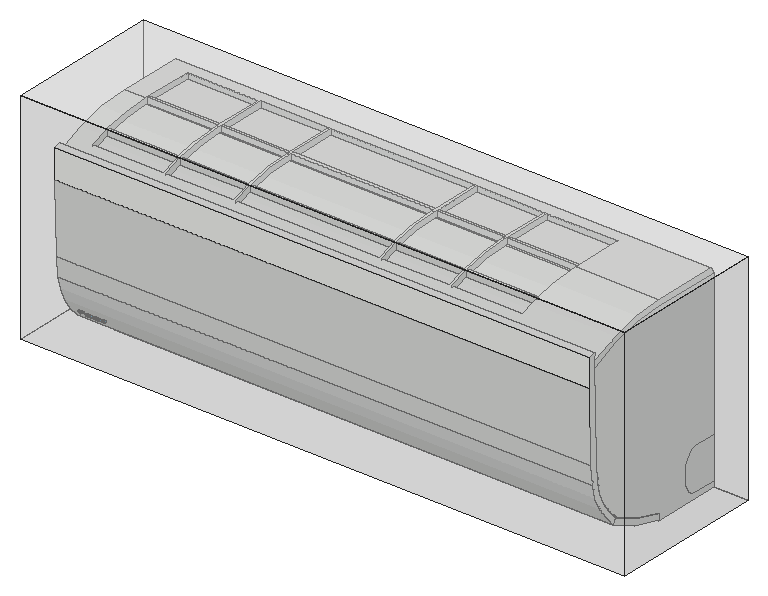
Revit family "outputfile", category 機械設備, Revit 2024
Family settings
  丸型コネクタ寸法 = 半径を使用
  パーツ タイプ = 標準
  OmniClass 番号 = 23.75.10.24.21.27.27
  OmniClass タイトル = Split System Air Conditioning Units
  作業面ベース = いいえ
  常に垂直 = はい
  ロード時にボイドで切り取り = いいえ
  注釈の向きを維持 = いいえ
  共有 = いいえ
  部屋計算ポイント = いいえ
Parameters (values of type "CTXF25TVMA")
  Description = ""
  書き出し IFC クラス(タイプ) = "IfcUnitaryEquipmentType"
  定義済み IFC タイプ(タイプ) = "AIRCONDITIONINGUNIT"
  Cost = 0
  Type Comments = ""
  Keynote = ""
  Type Image = (empty or 0)
  Assembly Code = ""
  w_wall hole = if(Width = 770.0 mm, 48.0 mm, 60.0 mm)  # 48.0 mm
  製造元 = "Daikin"
  モデル = "CTXF25TVMA"
  switch_frequency = yes
  r_Liquid Pipe Size = Liquid Pipe Size / 2  # 3.2 mm
  r_Gas Pipe Size = Gas Pipe Size / 2  # 4.75 mm
  r_Drain Pipe Size = Drain Pipe Size / 2  # 8.0 mm
  lw_powersupply [instance] = if(Width = 770.0 mm, if(or(Rear Right Connection_refrigerant, Bottom Right Connection_refrigerant), 25.0 mm, if(or(Rear Left Connection_refrigerant, Bottom Left Connection_refrigerant), 745.0 mm, 400.0 mm)), if(Width = 990.0 mm, if(or(Rear Right Connection_refrigerant, Bottom Right Connection_refrigerant), 40.0 mm, if(or(Rear Left Connection_refrigerant, Bottom Left Connection_refrigerant), 920.0 mm, 400.0 mm)), if(or(Rear Right Connection_refrigerant, Bottom Right Connection_refrigerant), 40.0 mm, if(or(Rear Left Connection_refrigerant, Bottom Left Connection_refrigerant), 920.0 mm, 400.0 mm))))  # 400.0 mm
  lw_liquidpipe [instance] = if(Width = 770.0 mm, if(or(Rear Right Connection_refrigerant, Bottom Right Connection_refrigerant), 0.0 mm, if(or(Rear Left Connection_refrigerant, Bottom Left Connection_refrigerant), 664.0 mm, 385.0 mm)), if(Width = 990.0 mm, if(or(Rear Right Connection_refrigerant, Bottom Right Connection_refrigerant), 0.0 mm, if(or(Rear Left Connection_refrigerant, Bottom Left Connection_refrigerant), 664.0 mm + (990.0 mm - 770.0 mm), 475.0 mm)), if(or(Rear Right Connection_refrigerant, Bottom Right Connection_refrigerant), 0.0 mm, if(or(Rear Left Connection_refrigerant, Bottom Left Connection_refrigerant), 664.0 mm + (990.0 mm - 770.0 mm), 475.0 mm))))  # 385.0 mm
  lw_gaspipe [instance] = if(Width = 770.0 mm, if(or(Rear Right Connection_refrigerant, Bottom Right Connection_refrigerant), 0.0 mm, if(or(Rear Left Connection_refrigerant, Bottom Left Connection_refrigerant), 675.0 mm, if(Gas Pipe Size = 12.7 mm, 335.0 mm, 335.0 mm))), if(Width = 990.0 mm, if(or(Rear Right Connection_refrigerant, Bottom Right Connection_refrigerant), 10.0 mm, if(or(Rear Left Connection_refrigerant, Bottom Left Connection_refrigerant), 890.0 mm, if(Gas Pipe Size = 15.9 mm, 400.0 mm, 400.0 mm))), if(or(Rear Right Connection_refrigerant, Bottom Right Connection_refrigerant), 10.0 mm, if(or(Rear Left Connection_refrigerant, Bottom Left Connection_refrigerant), 890.0 mm, if(Gas Pipe Size = 15.9 mm, 400.0 mm, 400.0 mm)))))  # 335.0 mm
  lw_drainpipe [instance] = if(Width = 770.0 mm, if(or(Rear Right Connection_refrigerant, Bottom Right Connection_refrigerant), 0.0 mm, if(or(Rear Left Connection_refrigerant, Bottom Left Connection_refrigerant), 770.0 mm - 48.0 mm - 48.0 mm, 440.0 mm)), if(Width = 990.0 mm, if(or(Rear Right Connection_refrigerant, Bottom Right Connection_refrigerant), 0.0 mm, if(or(Rear Left Connection_refrigerant, Bottom Left Connection_refrigerant), 675.0 mm + (990.0 mm - 770.0 mm), 435.0 mm)), if(or(Rear Right Connection_refrigerant, Bottom Right Connection_refrigerant), 0.0 mm, if(or(Rear Left Connection_refrigerant, Bottom Left Connection_refrigerant), 675.0 mm + (990.0 mm - 770.0 mm), 435.0 mm))))  # 440.0 mm
  l_powersupply_length [instance] = if(Width = 770.0 mm, if(Right Connection_refrigerant, 400.0 mm, if(Left Connection_refrigerant, 770.0 mm - 400.0 mm, if(or(Rear Left Connection_refrigerant, Rear Right Connection_refrigerant), 15.0 mm, 50.0 mm))), if(Width = 990.0 mm, if(Right Connection_refrigerant, 400.0 mm, if(Left Connection_refrigerant, 990.0 mm - 400.0 mm, if(or(Rear Left Connection_refrigerant, Rear Right Connection_refrigerant), 15.0 mm, 50.0 mm))), if(Right Connection_refrigerant, 400.0 mm, if(Left Connection_refrigerant, 990.0 mm - 400.0 mm, if(or(Rear Left Connection_refrigerant, Rear Right Connection_refrigerant), 15.0 mm, 50.0 mm)))))  # 400.0 mm
  l_liquidpipe_length [instance] = if(Width = 770.0 mm, if(Right Connection_refrigerant, 433.0 mm, if(Left Connection_refrigerant, 337.0 mm, if(or(Rear Left Connection_refrigerant, Rear Right Connection_refrigerant), 30.0 mm, 40.0 mm))), if(Width = 990.0 mm, if(Right Connection_refrigerant, 535.0 mm, if(Left Connection_refrigerant, 455.0 mm, if(or(Rear Left Connection_refrigerant, Rear Right Connection_refrigerant), 30.0 mm, 40.0 mm))), if(Right Connection_refrigerant, 535.0 mm, if(Left Connection_refrigerant, 455.0 mm, if(or(Rear Left Connection_refrigerant, Rear Right Connection_refrigerant), 30.0 mm, 40.0 mm)))))  # 433.0 mm
  l_gaspipe_length [instance] = if(Width = 770.0 mm, if(Right Connection_refrigerant, if(Gas Pipe Size = 12.7 mm, 383.0 mm, 383.0 mm), if(Left Connection_refrigerant, if(Gas Pipe Size = 12.7 mm, 770.0 mm - 383.0 mm, 770.0 mm - 383.0 mm), if(or(Rear Left Connection_refrigerant, Rear Right Connection_refrigerant), 40.0 mm, 50.0 mm))), if(Width = 990.0 mm, if(Right Connection_refrigerant, if(Gas Pipe Size = 15.9 mm, 460.0 mm, 460.0 mm), if(Left Connection_refrigerant, if(Gas Pipe Size = 15.9 mm, 990.0 mm - 460.0 mm, 990.0 mm - 460.0 mm), if(or(Rear Left Connection_refrigerant, Rear Right Connection_refrigerant), 40.0 mm, 50.0 mm))), if(Right Connection_refrigerant, if(Gas Pipe Size = 15.9 mm, 460.0 mm, 460.0 mm), if(Left Connection_refrigerant, if(Gas Pipe Size = 15.9 mm, 990.0 mm - 460.0 mm, 990.0 mm - 460.0 mm), if(or(Rear Left Connection_refrigerant, Rear Right Connection_refrigerant), 40.0 mm, 50.0 mm)))))  # 383.0 mm
  l_drainpipe_length [instance] = if(Width = 770.0 mm, if(Right Connection_refrigerant, 488.0 mm, if(Left Connection_refrigerant, 282.0 mm, if(or(Rear Left Connection_refrigerant, Rear Right Connection_refrigerant), 15.0 mm, 20.0 mm))), if(Width = 990.0 mm, if(Right Connection_refrigerant, 495.0 mm, if(Left Connection_refrigerant, 495.0 mm, if(or(Rear Left Connection_refrigerant, Rear Right Connection_refrigerant), 15.0 mm, 20.0 mm))), if(Right Connection_refrigerant, 495.0 mm, if(Left Connection_refrigerant, 495.0 mm, if(or(Rear Left Connection_refrigerant, Rear Right Connection_refrigerant), 15.0 mm, 20.0 mm)))))  # 488.0 mm
  h*** = 0.0 mm  # constant formula
  connector_voltage = Voltage_50Hz  # 230 V
  connector_powerinput = if([Power Input (Cooling)] > [Power Input (Heating)], [Power Input (Cooling)], [Power Input (Heating)])  # 0.000 kW
  connector_phase = Phase_50Hz  # 1
  angle_vertical [instance] = if(or(Bottom Left Connection_refrigerant, Bottom Right Connection_refrigerant), 0.00°, 90.00°)  # 90.00°
  angle_horizontal [instance] = if(Right Connection_refrigerant, 90.00°, if(Left Connection_refrigerant, -90.00°, if(or(Rear Left Connection_refrigerant, Rear Right Connection_refrigerant), 180.00°, 0.00°)))  # 90.00°
  Width = 770.0 mm
  Voltage_comment_50Hz = "220 - 240"
  Voltage_50Hz = 230 V
  Version = "ver.1.0"
  Unit Type = "Wall Mounted"
  Unit Mass Weight = 9.00 kg
  Unit Designation [instance] = ""
  Uniclass2015Version = "Products v1.30"
  Uniclass2015Title = "Split coil room air conditioning units"
  Uniclass2015Code = "Pr_70_65_03_86"
  URL = ""
  Total Heating Capacity [instance] = 0.000 kW
  Total Cooling Capacity [instance] = 0.000 kW
  Sound Pressure Level_M speed (dBA) = 33
  Sound Pressure Level_L speed (dBA) = 27
  Sound Pressure Level_H speed (dBA) = 40
  Sound Power Level_H speed (dB) = 0
  Series = "Multi Split_Fan Coil Unit"
  Sensible Cooling Capacity [instance] = 0.000 kW
  Refrigerant Type = "R32"
  Power Input (Heating) = 0.000 kW
  Power Input (Cooling) = 0.000 kW
  Phase_50Hz = 1
  Option Accessory 3 [instance] = ""
  Option Accessory 2 [instance] = ""
  Option Accessory 1 [instance] = ""
  Nominal Heating Capacity = 3.400 kW
  Nominal Cooling Capacity = 2.500 kW
  Minimum Circuit Amps_50Hz = 0.0 A
  Minimum Airflow = 348.00 m³/h
  Median Airflow = 462.00 m³/h
  Maximum Fuse Amps_50Hz = 0.0 A
  Maximum Airflow = 600.00 m³/h
  Material_Casing = DAIKIN_PureWhite_Casing_indoorunit
  Load Classification = HVAC
  Liquid Pipe Size = 6.4 mm
  Link_Nested Family [instance] = ""
  IfcVersion = ""
  IfcExportType = "AIRCONDITIONINGUNIT"
  IfcExportAs = "IfcUnitaryEquipmentType"
  Height = 285.0 mm
  Heating Entering Wet Bulb Temperature [instance] = 0.00 °C
  Heating Entering Dry Bulb Temperature [instance] = 0.00 °C
  Heating Ambient Wet Bulb Temperature [instance] = 0.00 °C
  Heating Ambient Dry Bulb Temperature [instance] = 0.00 °C
  Heat Exchanger Type = "Cross Fin Coil"
  Gas Pipe Size = 9.5 mm
  Frequency_50Hz = 50 Hz
  Fan Type = "Cross Flow Fan"
  Fan Drive = "Direct Drive"
  FCU Tag No. [instance] = ""
  Drain Pipe Size = 16.0 mm
  Design Supply Airflow [instance] = 0.00 m³/h
  Depth = 223.0 mm
  既定の高さ = 0.0 mm
  Cooling Entering Wet Bulb Temperature [instance] = 0.00 °C
  Cooling Entering Dry Bulb Temperature [instance] = 0.00 °C
  Cooling Ambient Wet Bulb Temperature [instance] = 0.00 °C
  Cooling Ambient Dry Bulb Temperature [instance] = 0.00 °C
  Clearance visibility [instance] = yes
  Clearance Top = 30.0 mm
  Clearance Right = 50.0 mm
  Clearance Rear = 0.0 mm
  Clearance Left = 50.0 mm
  Clearance Front = 0.0 mm
  Clearance Bottom = 0.0 mm
  Bottom Right Connection_refrigerant [instance] = no
  Bottom Left Connection_refrigerant [instance] = no
  Rear Right Connection_refrigerant [instance] = no
  Rear Left Connection_refrigerant [instance] = no
  Right Connection_refrigerant [instance] = yes
  Left Connection_refrigerant [instance] = no
Reference planes
  plane 1 "Back": y = 0
  plane 2: z = 0
  plane 3 "Center (Left/Right)": x = 0
  plane 4 "Center (Front/Back)": y = -111.5
  plane 5 "Front": y = -223
  plane 6 "Left": x = -385
  plane 7 "Right": x = 385
  plane 8 "Top": z = 0
  plane 9 "Bottom": z = -285
  plane 10: x = -435
  plane 11: x = 435
  plane 12: y = 0
  plane 13: y = -223
  plane 14: z = 30
  plane 15: z = -285
  plane 16 "lw_Piping and Wiring intake": x = 337
  plane 17 "lw_gaspipe": x = 2
  plane 18 "lw_liquidpipe": x = -48
  plane 19 "lw_drainpipe": x = -103
  plane 20 "lh_drainpipe": z = -265
  plane 21 "lh_liquidpipe": z = -245
  plane 22 "lh_gaspipe": z = -235
  plane 23 "ld_drainpipe": y = -15
  plane 24 "ld_liquidpipe": y = -30
  plane 25 "ld_gaspipe": y = -40
  plane 26 "lw_powersupply": x = -15
Dimensions and locks
  equal spacing: plane 6 "Left", plane 3 "Center (Left/Right)", plane 7 "Right"
  "Width": plane 6 "Left" to plane 7 "Right"
  equal spacing: plane 5 "Front", plane 4 "Center (Front/Back)", plane 1 "Back"
  "Depth": plane 5 "Front" to plane 1 "Back"
  "Height": plane 8 "Top" to plane 9 "Bottom"
  "Clearance Rear": plane 12 to plane 1 "Back"
  "Clearance Front": plane 13 to plane 5 "Front"
  "Clearance Top": plane 14 to plane 8 "Top"
  "Clearance Bottom": plane 9 "Bottom" to plane 15
  "w_wall hole": plane 16 "lw_Piping and Wiring intake" to plane 7 "Right"
  "lw_gaspipe": plane 17 "lw_gaspipe" to plane 16 "lw_Piping and Wiring intake"
  "lw_liquidpipe": plane 18 "lw_liquidpipe" to plane 16 "lw_Piping and Wiring intake"
  "lw_drainpipe": plane 19 "lw_drainpipe" to plane 16 "lw_Piping and Wiring intake"
  locked: plane 20 "lh_drainpipe" to plane 9 "Bottom" at 20
  locked: plane 21 "lh_liquidpipe" to plane 9 "Bottom" at 40
  locked: plane 22 "lh_gaspipe" to plane 9 "Bottom" at 50
  locked: plane 23 "ld_drainpipe" to plane 1 "Back" at 15
  locked: plane 1 "Back" to plane 24 "ld_liquidpipe" at 30
  locked: plane 1 "Back" to plane 25 "ld_gaspipe" at 40
  "lw_powersupply": plane 26 "lw_powersupply" to plane 7 "Right"
  "Clearance Left": plane 10 to plane 6 "Left"
  "Clearance Right": plane 7 "Right" to plane 11
  aligned and locked: level to plane 2
  aligned and locked: plane 12 to nested 1
  aligned and locked: nested 1 to plane 13
  aligned and locked: plane 10 to nested 1
  aligned and locked: plane 11 to nested 1
  aligned and locked: plane 15 to nested 1
  aligned and locked: plane 14 to nested 1
  aligned and locked: plane 17 "lw_gaspipe" to nested 2
  aligned and locked: nested 2 to plane 25 "ld_gaspipe"
  aligned and locked: plane 18 "lw_liquidpipe" to nested 3
  aligned and locked: nested 3 to plane 24 "ld_liquidpipe"
  aligned and locked: plane 19 "lw_drainpipe" to nested 4
  aligned and locked: nested 4 to plane 23 "ld_drainpipe"
  aligned and locked: nested 5 to plane 23 "ld_drainpipe"
  aligned and locked: plane 26 "lw_powersupply" to nested 5
  aligned and locked: level to plane 8 "Top"
  aligned and locked: plane 3 "Center (Left/Right)" to nested 6
  aligned and locked: plane 1 "Back" to nested 6
  aligned and locked: plane 8 "Top" to nested 6
Nested families
  nested 1: "daikin_clearancespace" at (0, -111.5, -127.381), show <- "Clearance visibility", visible <- "Clearance visibility", Link_Nested Family <- "Link_Nested Family", type "daikin_clearancespace"
    with width 870.0 mm, show yes, height 315.0 mm, depth 223.0 mm, Link_Nested Family ""
  nested 2: "daikin_connector_rotate3" at (2, -40, -235), angle_vertical <- "angle_vertical", angle_horizontal <- "angle_horizontal", length <- "l_gaspipe_length", radius <- "r_Gas Pipe Size", type "daikin_connector_rotate3"
    with show no, radius 4.75 mm, length 383.0 mm, angle_vertical 90.00°, angle_horizontal 90.00°
  nested 3: "daikin_connector_rotate3" at (-48, -30, -245), angle_vertical <- "angle_vertical", angle_horizontal <- "angle_horizontal", radius <- "r_Liquid Pipe Size", length <- "l_liquidpipe_length", type "daikin_connector_rotate3"
    with show no, radius 3.2 mm, length 433.0 mm, angle_vertical 90.00°, angle_horizontal 90.00°
  nested 4: "daikin_connector_rotate3" at (-103, -15, -265), angle_vertical <- "angle_vertical", angle_horizontal <- "angle_horizontal", length <- "l_drainpipe_length", radius <- "r_Drain Pipe Size", type "daikin_connector_rotate3"
    with show no, radius 8.0 mm, length 488.0 mm, angle_vertical 90.00°, angle_horizontal 90.00°
  nested 5: "daikin_connector_rotate3" at (-15, -15, -235), angle_vertical <- "angle_vertical", angle_horizontal <- "angle_horizontal", length <- "l_powersupply_length", type "daikin_connector_rotate3"
    with show no, radius 10.0 mm, length 400.0 mm, angle_vertical 90.00°, angle_horizontal 90.00°
  nested 6: "DAIKIN_indoorunit_CTXF-TVMA" at (-31, 0, 0), type "CTXF-TVMA"
Connectors
  piping at (385, -40, -235), diameter 9.5, driven by "r_Gas Pipe Size"
    settings: on nested 2, index 1, connector inside diameter 609.6 mm, connector length 0.0 mm, flow factor 0, pipe flow 0.00 m³/h, pressure drop 0.0 Pa, fitting loss kfactor 0, connector angle 0.00°, fixture units 0, engagement length 0.0 mm, angle of deflection 0.00°, flow configuration 1, flow direction 2, fitting loss method 0, system type 29, joint type 0, gender type 0, connector reference index -1, connector utility 0, adjustable connector no, is connector primary yes, connector description "Refrigerant Gas Piping"
  piping at (385, -30, -245), diameter 6.4, driven by "r_Liquid Pipe Size"
    settings: on nested 3, index 2, connector inside diameter 609.6 mm, connector length 0.0 mm, flow factor 0, pipe flow 0.00 m³/h, pressure drop 0.0 Pa, fitting loss kfactor 0, connector angle 0.00°, fixture units 0, engagement length 0.0 mm, angle of deflection 0.00°, flow configuration 1, flow direction 1, fitting loss method 0, system type 29, joint type 0, gender type 0, connector reference index -1, connector utility 0, adjustable connector no, is connector primary no, connector description "Refrigerant Liquid Piping"
  piping at (385, -15, -265), diameter 16, driven by "r_Drain Pipe Size"
    settings: on nested 4, index 3, connector inside diameter 609.6 mm, connector length 0.0 mm, flow factor 0, pipe flow 0.00 m³/h, pressure drop 0.0 Pa, fitting loss kfactor 0, connector angle 0.00°, fixture units 0, engagement length 0.0 mm, angle of deflection 0.00°, flow configuration 1, flow direction 2, fitting loss method 4, system type 16, joint type 0, gender type 0, connector reference index -1, connector utility 0, adjustable connector no, is connector primary no, connector description "Condensate Drain Piping"
  electrical at (385, -15, -235), driven by "Load Classification", driven by "connector_phase", driven by "connector_powerinput", driven by "connector_voltage"
    settings: on nested 5, index 4, voltage 230 V, apparent load 0 VA, apparent load phase1 0 VA, apparent load phase2 0 VA, apparent load phase3 0 VA, power factor 1, load classification "HVAC", number of poles 1, system type 30, power factor state 1, is connector primary yes, connector utility no, sub classification motor no, connector description "Power Supply"
Definition of nested family "daikin_clearancespace"
  Parameters (values of type "daikin_clearancespace")
    Description = "daikin_clearancespace"
    width [instance] = 1823.963 mm
    show [instance] = yes
    material = none
    height [instance] = 1359.762 mm
    depth [instance] = 880.0 mm
    Default Elevation = 0.0 mm
    Link_Nested Family [instance] = ""
  Reference planes
    plane 1 "Center (Front/Back)": y = 0
    plane 2 "Center (Elevation)": z = -0.119
    plane 3 "Center (Left/Right)": x = 0
    plane 4: y = 440
    plane 5: y = -440
    plane 6 "Right": x = 911.982
    plane 7 "Left": x = -911.982
    plane 8 "Top": z = 679.762
    plane 9 "Bottom": z = -680
  Forms (mm)
    Extrusion 1, solid, material <- "material", visible <- "show"
      sketch origin (0, 0, 0) x (1, 0, 0) y (0, 1, 0)
        loop
          line (-911.982, 440) -> (-911.982, -440) -> (911.982, -440) -> (911.982, 440) -> (-911.982, 440)
      from -680 to 679.762
  Lines and regions (mm)
    symbolic lines, visible <- "show"
      curve 1: line (911.982, 440, 0) -> (-911.982, 440, 0)
      curve 2: line (-911.982, 440, 0) -> (-911.982, -440, 0)
      curve 3: line (-911.982, -440, 0) -> (911.982, -440, 0)
      curve 4: line (911.982, -440, 0) -> (911.982, 440, 0)
      curve 5: line (911.982, 0, 679.762) -> (-911.982, 0, 679.762)
      curve 6: line (911.982, 0, -680) -> (911.982, 0, 679.762)
      curve 7: line (-911.982, 0, -680) -> (911.982, 0, -680)
      curve 8: line (-911.982, 0, 679.762) -> (-911.982, 0, -680)
      curve 9: line (0, 440, 679.762) -> (0, -440, 679.762)
      curve 10: line (0, -440, 679.762) -> (0, -440, -680)
      curve 11: line (0, 440, -680) -> (0, 440, 679.762)
      curve 12: line (0, -440, -680) -> (0, 440, -680)
  Dimensions and locks
    "width": plane 7 "Left" to plane 6 "Right"
    "depth": plane 4 to plane 5
    "height": plane 8 "Top" to plane 9 "Bottom"
    equal spacing: plane 7 "Left", plane 3 "Center (Left/Right)", plane 6 "Right"
    equal spacing: plane 4, plane 1 "Center (Front/Back)", plane 5
    equal spacing: plane 8 "Top", plane 2 "Center (Elevation)", plane 9 "Bottom"
    aligned and locked: level to plane 2 "Center (Elevation)"
    aligned and locked: Extrusion 1 sketch curve to plane 4
    aligned and locked: plane 7 "Left" to Extrusion 1 sketch curve
    aligned and locked: Extrusion 1 sketch curve to plane 5
    aligned and locked: Extrusion 1 sketch curve to plane 6 "Right"
    aligned and locked: plane 8 "Top" to Extrusion 1
    aligned and locked: curve 1 to Extrusion 1
    aligned and locked: curve 2 to Extrusion 1
    aligned and locked: curve 3 to Extrusion 1
    aligned and locked: curve 4 to Extrusion 1
    aligned and locked: curve 5 to Extrusion 1
    aligned and locked: curve 6 to Extrusion 1
    aligned and locked: curve 7 to Extrusion 1
    aligned and locked: curve 8 to Extrusion 1
    aligned and locked: curve 9 to Extrusion 1
    aligned and locked: curve 10 to Extrusion 1
    aligned and locked: curve 11 to Extrusion 1
    aligned and locked: curve 12 to Extrusion 1
    aligned and locked: Extrusion 1 to plane 9 "Bottom"
Definition of nested family "DAIKIN_indoorunit_CTXF-TVMA"
  Parameters (values of type "CTXF-TVMA")
    switch_unit1_50 = Width = 990.0 mm  # no
    switch_unit1_20-35 = Width = 770.0 mm  # yes
    Width = 770.0 mm
    WALL HOLE-R = if(Width = 770.0 mm, 48.0 mm, 60.0 mm)  # 48.0 mm
    WALL HOLE Size = if(Width = 770.0 mm, 65.0 mm, 80.0 mm)  # 65.0 mm
    Material_Casing = none
    Height = if(Width = 770.0 mm, 285.0 mm, 295.0 mm)  # 285.0 mm
    Default Elevation = 0.0 mm
  Reference planes
    plane 1 "Center (Front/Back)": y = 0
    plane 2 "reference_level": z = 0
    plane 3 "Center (Left/Right)": x = 31
    plane 4: x = -354
    plane 5: x = 416
    plane 6: z = -285
  Forms (mm)
    Extrusion 1, solid, material <- "Material_Casing", visible <- "switch_unit1_20-35"
      sketch origin (29, 0, 0) x (0, 1, 0) y (0, 0, 1)
        loop
          line (-5, 0) -> (-98, 0)
          arc (-98, 0) -> (-157.611, -7.211) -> (-213.783, -28.427) r 250
          arc (-213.783, -28.427) -> (-213.842, -32.972) -> (-213.892, -37.516) r 2191
          arc (-213.892, -37.516) -> (-157.832, -15.495) -> (-98.07, -8) r 242
          line (-98.07, -8) -> (0, -8) -> (-5, 0)
      from -383 to 387
    Extrusion 2, solid, material <- "Material_Casing", visible <- "switch_unit1_20-35"
      sketch origin (416, 1296.25, 1200) x (0, 1, 0) y (0, 0, 1)
        loop
          line (-1472.998, -1446.91) -> (-1476.998, -1453.839)
          arc (-1476.998, -1453.839) -> (-1437.481, -1472.422) -> (-1395.25, -1483.538) r 240
          line (-1395.25, -1483.538) -> (-1395.25, -1475.422)
          arc (-1395.25, -1475.422) -> (-1435.407, -1464.663) -> (-1472.998, -1446.91) r 232
      from 0 to -47.5
    Extrusion 3, solid, material <- "Material_Casing", visible <- "switch_unit1_20-35"
      sketch origin (29, 0, 0) x (0, 1, 0) y (0, 0, 1)
        loop
          arc (-223, -60.455) -> (-222.414, -110.646) -> (-220.656, -160.81) r 2149.92
          arc (-220.656, -160.81) -> (-219.65, -174.299) -> (-217.853, -187.706) r 229.911
          arc (-217.853, -187.706) -> (-205.371, -223.594) -> (-181.517, -253.17) r 111
          line (-181.517, -253.17) -> (-177.429, -246.093)
          arc (-177.429, -246.093) -> (-198.77, -218.989) -> (-209.965, -186.36) r 103
          arc (-209.965, -186.36) -> (-211.681, -173.586) -> (-212.651, -160.735) r 221.844
          arc (-212.651, -160.735) -> (-214.739, -93.233) -> (-214.74, -25.699) r 2186.828
          arc (-214.74, -25.699) -> (-214.671, -21.467) -> (-214.594, -17.235) r 2192
          line (-214.594, -17.235) -> (-223, -19.961) -> (-223, -60.455)
      from -383 to 387
    Extrusion 4, solid, material <- "Material_Casing", visible <- "switch_unit1_20-35"
      sketch origin (29, 0, -20) x (0, 1, 0) y (0, 0, 1)
        loop
          line (0, -265) -> (0, 12) -> (-98.07, 12)
          arc (-98.07, 12) -> (-157.832, 4.505) -> (-213.892, -17.516) r 242
          arc (-213.892, -17.516) -> (-213.638, -79.114) -> (-211.653, -140.681) r 2191
          arc (-211.653, -140.681) -> (-210.685, -153.501) -> (-208.973, -166.243) r 221
          arc (-208.973, -166.243) -> (-197.471, -199.282) -> (-175.482, -226.491) r 102
          arc (-175.482, -226.491) -> (-138.004, -244.019) -> (-98, -254.579) r 231
          line (-98, -254.579) -> (-98, -265) -> (0, -265)
      from -383 to 387
    Extrusion 5, solid, material <- "Material_Casing", visible <- "switch_unit1_20-35"
      sketch origin (-354, 1296.25, 1200) x (0, 1, 0) y (0, 0, 1)
        loop
          line (-1472.998, -1446.91) -> (-1476.998, -1453.839)
          arc (-1476.998, -1453.839) -> (-1437.481, -1472.422) -> (-1395.25, -1483.538) r 240
          line (-1395.25, -1483.538) -> (-1395.25, -1475.422)
          arc (-1395.25, -1475.422) -> (-1435.407, -1464.663) -> (-1472.998, -1446.91) r 232
      from 47 to 0
    Extrusion 6, solid, material <- "Material_Casing", visible <- "switch_unit1_20-35"
      sketch origin (416, 1296.25, 1200) x (0, 1, 0) y (0, 0, 1)
        loop
          line (-1472.998, -1446.91) -> (-1476.998, -1453.839)
          arc (-1476.998, -1453.839) -> (-1443.437, -1470.168) -> (-1407.75, -1481.097) r 240
          line (-1407.75, -1481.097) -> (-1407.75, -1472.894)
          arc (-1407.75, -1472.894) -> (-1441.363, -1462.385) -> (-1472.998, -1446.91) r 232
      from -116.993 to -48.493
    Extrusion 7, solid, material <- "Material_Casing", visible <- "switch_unit1_20-35"
      sketch origin (416, 1296.25, 1200) x (0, 1, 0) y (0, 0, 1)
        loop
          line (-1472.998, -1446.91) -> (-1476.998, -1453.839)
          arc (-1476.998, -1453.839) -> (-1443.437, -1470.168) -> (-1407.75, -1481.097) r 240
          line (-1407.75, -1481.097) -> (-1407.75, -1472.894)
          arc (-1407.75, -1472.894) -> (-1441.363, -1462.385) -> (-1472.998, -1446.91) r 232
      from -717 to -121.993
    Extrusion 8, void
      sketch origin (31, 0, -235) x (1, 0, 0) y (0, 1, 0)
        loop
          line (-252.674, -22.316) -> (-354.941, -22.316) -> (-354.941, -91.341) -> (-252.674, -91.341) -> (-252.674, -22.316)
        loop
          line (-249.341, -91.341) -> (-151.574, -91.341) -> (-151.574, -22.316) -> (-249.341, -22.316) -> (-249.341, -91.341)
        loop
          line (58.309, -22.316) -> (-148.309, -22.316) -> (-148.309, -91.341) -> (58.309, -91.341) -> (58.309, -22.316)
        loop
          line (61.689, -22.316) -> (61.689, -91.341) -> (159.457, -91.341) -> (159.457, -22.316) -> (61.689, -22.316)
        loop
          line (162.789, -22.316) -> (162.789, -91.341) -> (265.057, -91.341) -> (265.057, -22.316) -> (162.789, -22.316)
        loop
          line (-354.941, -94.659) -> (-354.941, -165.259) -> (-252.674, -165.259) -> (-252.674, -94.659) -> (-354.941, -94.659)
        loop
          line (-249.341, -94.659) -> (-249.341, -165.259) -> (-151.574, -165.259) -> (-151.574, -94.659) -> (-249.341, -94.659)
        loop
          line (-148.309, -94.659) -> (-148.309, -165.259) -> (58.309, -165.259) -> (58.309, -94.659) -> (-148.309, -94.659)
        loop
          line (61.689, -94.659) -> (61.689, -165.259) -> (159.457, -165.259) -> (159.457, -94.659) -> (61.689, -94.659)
        loop
          line (162.789, -94.659) -> (162.789, -165.259) -> (265.057, -165.259) -> (265.057, -94.659) -> (162.789, -94.659)
        loop
          line (-354.941, -167.382) -> (-354.941, -192.681) -> (-252.674, -192.681) -> (-252.674, -167.382) -> (-354.941, -167.382)
        loop
          line (-249.341, -167.382) -> (-249.341, -192.681) -> (-151.574, -192.681) -> (-151.574, -167.382) -> (-249.341, -167.382)
        loop
          line (-148.309, -167.382) -> (-148.309, -192.681) -> (58.309, -192.681) -> (58.309, -167.382) -> (-148.309, -167.382)
        loop
          line (159.457, -167.382) -> (61.689, -167.382) -> (61.689, -192.681) -> (159.457, -192.681) -> (159.457, -167.382)
        loop
          line (265.057, -167.382) -> (162.789, -167.382) -> (162.789, -192.681) -> (265.057, -192.681) -> (265.057, -167.382)
      from 201.638 to 250
    Extrusion 9, solid, material <- "Material_Casing"
      sketch origin (31, 0, 0) x (1, 0, 0) y (0, 0, 1)
        loop
          circle (337, -240.5) r 32.5
        loop
          circle (-337, -240.5) r 32.5
      from 0 to 5
    Extrusion 10, solid, material <- "Material_Casing", visible <- "switch_unit1_20-35"
      sketch origin (416, 1296.25, 1200) x (0, -1, 0) y (0, 0, 1)
        loop
          line (1326.25, -1417) -> (1296.25, -1417) -> (1296.25, -1477) -> (1326.25, -1477)
          arc (1326.25, -1477) -> (1340.393, -1471.142) -> (1346.25, -1457) r 20
          line (1346.25, -1457) -> (1346.25, -1437)
          arc (1346.25, -1437) -> (1340.393, -1422.858) -> (1326.25, -1417) r 20
      from 0 to 5
    Extrusion 11, solid, material <- "Material_Casing", visible <- "switch_unit1_20-35"
      sketch origin (-354, 1296.25, 1200) x (0, 1, 0) y (0, 0, 1)
        loop
          line (-1296.25, -1417) -> (-1326.25, -1417)
          arc (-1326.25, -1417) -> (-1340.393, -1422.858) -> (-1346.25, -1437) r 20
          line (-1346.25, -1437) -> (-1346.25, -1457)
          arc (-1346.25, -1457) -> (-1340.393, -1471.142) -> (-1326.25, -1477) r 20
          line (-1326.25, -1477) -> (-1296.25, -1477) -> (-1296.25, -1417)
      from 0 to 5
    Extrusion 12, solid, material <- "Material_Casing", visible <- "switch_unit1_20-35"
      sketch origin (31, 0, -285) x (-1, 0, 0) y (0, -1, 0)
        loop
          line (-314, 0) -> (-314, 30)
          arc (-314, 30) -> (-319.858, 44.142) -> (-334, 50) r 20
          line (-334, 50) -> (-354, 50)
          arc (-354, 50) -> (-368.142, 44.142) -> (-374, 30) r 20
          line (-374, 30) -> (-374, 0) -> (-314, 0)
        loop
          line (374, 0) -> (374, 30)
          arc (374, 30) -> (368.142, 44.142) -> (354, 50) r 20
          line (354, 50) -> (334, 50)
          arc (334, 50) -> (319.858, 44.142) -> (314, 30) r 20
          line (314, 30) -> (314, 0) -> (374, 0)
      from 0 to 5
    Extrusion 13, solid, material <- "Material_Casing", visible <- "switch_unit1_50"
      sketch origin (31, 0, 0) x (0, 1, 0) y (0, 0, 1)
        loop
          line (-5, 0) -> (-138, 0)
          arc (-138, 0) -> (-197.611, -7.211) -> (-253.783, -28.427) r 250
          arc (-253.783, -28.427) -> (-253.838, -32.687) -> (-253.886, -36.946) r 2191
          arc (-253.886, -36.946) -> (-197.73, -15.346) -> (-138.014, -8) r 246.393
          line (-138.014, -8) -> (0, -8) -> (-5, 0)
      from -495 to 495
    Extrusion 14, solid, material <- "Material_Casing", visible <- "switch_unit1_50"
      sketch origin (418, 1296.25, 1200) x (0, 1, 0) y (0, 0, 1)
        loop
          arc (-1515.208, -1454.149) -> (-1506.856, -1460.599) -> (-1497.925, -1466.219) r 110
          arc (-1497.925, -1466.219) -> (-1445.718, -1487.493) -> (-1389.844, -1494.995) r 223
          line (-1389.844, -1494.995) -> (-1389.844, -1486.086) -> (-1404.386, -1486.086)
          arc (-1404.386, -1486.086) -> (-1449.542, -1477.46) -> (-1491.818, -1459.402) r 214.289
          arc (-1491.818, -1459.402) -> (-1501.056, -1453.541) -> (-1509.606, -1446.715) r 101
          line (-1509.606, -1446.715) -> (-1515.208, -1454.149)
      from 108 to 57.5
    Extrusion 15, solid, material <- "Material_Casing", visible <- "switch_unit1_50"
      sketch origin (31, 0, 0) x (0, 1, 0) y (0, 0, 1)
        loop
          line (-263, -19.962) -> (-263, -61.6)
          arc (-263, -61.6) -> (-262.414, -110.219) -> (-260.656, -158.81) r 2017.341
          arc (-260.656, -158.81) -> (-255.648, -191.935) -> (-244.041, -223.362) r 164.725
          arc (-244.041, -223.362) -> (-233.569, -239.793) -> (-219.717, -253.495) r 87.379
          line (-219.717, -253.495) -> (-214.706, -246.846)
          arc (-214.706, -246.846) -> (-229.564, -230.029) -> (-240.385, -210.371) r 102
          arc (-240.385, -210.371) -> (-249.049, -182.962) -> (-252.848, -154.467) r 165.789
          arc (-252.848, -154.467) -> (-254.771, -90.102) -> (-254.74, -25.708) r 2122.533
          arc (-254.74, -25.708) -> (-254.671, -21.469) -> (-254.594, -17.23) r 2192
          line (-254.594, -17.23) -> (-263, -19.962)
      from -495 to 495
    Extrusion 16, void
      sketch origin (33, 0, 0) x (1, 0, 0) y (0, 1, 0)
        loop
          line (-466.909, -22.316) -> (-466.909, -111.341) -> (-366.303, -111.341) -> (-366.303, -22.316) -> (-466.909, -22.316)
        loop
          line (-362.71, -22.316) -> (-362.71, -111.341) -> (-262.103, -111.341) -> (-262.103, -22.316) -> (-362.71, -22.316)
        loop
          line (-258.51, -22.316) -> (-258.51, -111.341) -> (-157.904, -111.341) -> (-157.904, -22.316) -> (-258.51, -22.316)
        loop
          line (-154.31, -22.316) -> (-154.31, -111.341) -> (-53.704, -111.341) -> (-53.704, -22.316) -> (-154.31, -22.316)
        loop
          line (-50.11, -22.316) -> (-50.11, -111.341) -> (50.496, -111.341) -> (50.496, -22.316) -> (-50.11, -22.316)
        loop
          line (54.089, -22.316) -> (54.089, -111.341) -> (154.696, -111.341) -> (154.696, -22.316) -> (54.089, -22.316)
        loop
          line (158.289, -22.316) -> (158.289, -111.341) -> (258.895, -111.341) -> (258.895, -22.316) -> (158.289, -22.316)
        loop
          line (262.489, -22.316) -> (262.489, -111.341) -> (363.095, -111.341) -> (363.095, -22.316) -> (262.489, -22.316)
        loop
          line (-466.909, -114.459) -> (-466.909, -185.059) -> (-366.303, -185.059) -> (-366.303, -114.459) -> (-466.909, -114.459)
        loop
          line (-362.71, -114.459) -> (-362.71, -185.059) -> (-262.103, -185.059) -> (-262.103, -114.459) -> (-362.71, -114.459)
        loop
          line (-258.51, -114.459) -> (-258.51, -185.059) -> (-157.904, -185.059) -> (-157.904, -114.459) -> (-258.51, -114.459)
        loop
          line (-154.31, -114.459) -> (-154.31, -185.059) -> (-53.704, -185.059) -> (-53.704, -114.459) -> (-154.31, -114.459)
        loop
          line (-50.11, -114.459) -> (-50.11, -185.059) -> (50.496, -185.059) -> (50.496, -114.459) -> (-50.11, -114.459)
        loop
          line (54.089, -114.459) -> (54.089, -185.059) -> (154.696, -185.059) -> (154.696, -114.459) -> (54.089, -114.459)
        loop
          line (158.289, -114.459) -> (158.289, -185.059) -> (258.895, -185.059) -> (258.895, -114.459) -> (158.289, -114.459)
        loop
          line (262.489, -114.459) -> (262.489, -185.059) -> (363.095, -185.059) -> (363.095, -114.459) -> (262.489, -114.459)
        loop
          line (-466.909, -187.382) -> (-466.909, -232.681) -> (-366.303, -232.681) -> (-366.303, -187.382) -> (-466.909, -187.382)
        loop
          line (-362.71, -187.382) -> (-362.71, -232.681) -> (-262.103, -232.681) -> (-262.103, -187.382) -> (-362.71, -187.382)
        loop
          line (-258.51, -187.382) -> (-258.51, -232.681) -> (-157.904, -232.681) -> (-157.904, -187.382) -> (-258.51, -187.382)
        loop
          line (-154.31, -187.382) -> (-154.31, -232.681) -> (-53.704, -232.681) -> (-53.704, -187.382) -> (-154.31, -187.382)
        loop
          line (-50.11, -187.382) -> (-50.11, -232.681) -> (50.496, -232.681) -> (50.496, -187.382) -> (-50.11, -187.382)
        loop
          line (54.089, -187.382) -> (54.089, -232.681) -> (154.696, -232.681) -> (154.696, -187.382) -> (54.089, -187.382)
        loop
          line (158.289, -187.382) -> (158.289, -232.681) -> (258.895, -232.681) -> (258.895, -187.382) -> (158.289, -187.382)
        loop
          line (262.489, -187.382) -> (262.489, -232.681) -> (363.095, -232.681) -> (363.095, -187.382) -> (262.489, -187.382)
      from -40.013 to 47.268
    Extrusion 17, solid, material <- "Material_Casing", visible <- "switch_unit1_50"
      sketch origin (-356, 1296.25, 1200) x (0, 1, 0) y (0, 0, -1)
        loop
          line (-1515.208, 1454.149) -> (-1509.606, 1446.715)
          arc (-1509.606, 1446.715) -> (-1501.056, 1453.541) -> (-1491.818, 1459.402) r 101
          arc (-1491.818, 1459.402) -> (-1449.542, 1477.46) -> (-1404.386, 1486.086) r 214.289
          line (-1404.386, 1486.086) -> (-1389.844, 1486.086) -> (-1389.844, 1494.995)
          arc (-1389.844, 1494.995) -> (-1445.718, 1487.493) -> (-1497.925, 1466.219) r 223
          arc (-1497.925, 1466.219) -> (-1506.856, 1460.599) -> (-1515.208, 1454.149) r 110
      from 108 to 61
    Extrusion 18, solid, material <- "Material_Casing", visible <- "switch_unit1_50"
      sketch origin (418, 1296.25, 1200) x (0, 1, 0) y (0, 0, 1)
        loop
          arc (-1515.208, -1454.149) -> (-1506.856, -1460.599) -> (-1497.925, -1466.219) r 110
          arc (-1497.925, -1466.219) -> (-1463.185, -1482.066) -> (-1426.25, -1491.755) r 223
          line (-1426.25, -1491.755) -> (-1426.25, -1483.166)
          arc (-1426.25, -1483.166) -> (-1460.008, -1473.969) -> (-1491.818, -1459.402) r 214.289
          arc (-1491.818, -1459.402) -> (-1501.056, -1453.541) -> (-1509.606, -1446.715) r 101
          line (-1509.606, -1446.715) -> (-1515.208, -1454.149)
      from 56.5 to -36.993
    Extrusion 19, solid, material <- "Material_Casing", visible <- "switch_unit1_50"
      sketch origin (418, 1296.25, 1200) x (0, 1, 0) y (0, 0, 1)
        loop
          arc (-1426.25, -1483.166) -> (-1443.442, -1479.224) -> (-1460.25, -1473.881) r 214.289
          line (-1460.25, -1473.881) -> (-1460.25, -1483.089)
          arc (-1460.25, -1483.089) -> (-1443.421, -1488.091) -> (-1426.25, -1491.755) r 223
          line (-1426.25, -1491.755) -> (-1426.25, -1483.166)
      from -43.493 to -828.893
    Extrusion 20, solid, material <- "Material_Casing", visible <- "switch_unit1_50"
      sketch origin (418, 1296.25, 1200) x (0, 1, 0) y (0, 0, 1)
        loop
          arc (-1515.208, -1454.149) -> (-1506.856, -1460.599) -> (-1497.925, -1466.219) r 110
          arc (-1497.925, -1466.219) -> (-1479.479, -1475.527) -> (-1460.25, -1483.089) r 223
          line (-1460.25, -1483.089) -> (-1460.25, -1473.881)
          arc (-1460.25, -1473.881) -> (-1476.328, -1467.282) -> (-1491.818, -1459.402) r 214.289
          arc (-1491.818, -1459.402) -> (-1501.056, -1453.541) -> (-1509.606, -1446.715) r 101
          line (-1509.606, -1446.715) -> (-1515.208, -1454.149)
      from -43.493 to -828.893
    Extrusion 21, solid, material <- "Material_Casing", visible <- "switch_unit1_50"
      sketch origin (31, 0, -30) x (0, 1, 0) y (0, 0, 1)
        loop
          line (0, 22) -> (-138.014, 22)
          arc (-138.014, 22) -> (-197.73, 14.654) -> (-253.886, -6.946) r 246.393
          arc (-253.886, -6.946) -> (-253.682, -65.635) -> (-251.855, -124.295) r 2120.935
          arc (-251.855, -124.295) -> (-248.086, -152.682) -> (-239.461, -179.988) r 164.789
          arc (-239.461, -179.988) -> (-228.903, -199.231) -> (-214.437, -215.738) r 101
          line (-214.437, -215.738) -> (-212.406, -216.221)
          arc (-212.406, -216.221) -> (-204.07, -222.837) -> (-195.079, -228.53) r 100
          arc (-195.079, -228.53) -> (-145.557, -248.629) -> (-92.593, -255.785) r 213.289
          line (-92.593, -255.785) -> (-92.593, -265) -> (0, -265) -> (0, 22)
      from -495 to 495
    Extrusion 22, solid, material <- "Material_Casing", visible <- "switch_unit1_50"
      sketch origin (526, 1296.25, 1200) x (0, -1, 0) y (0, 0, 1)
        loop
          line (1326.25, -1427.035) -> (1296.25, -1427.035) -> (1296.25, -1487.035) -> (1326.25, -1487.035)
          arc (1326.25, -1487.035) -> (1340.393, -1481.177) -> (1346.25, -1467.035) r 20
          line (1346.25, -1467.035) -> (1346.25, -1447.035)
          arc (1346.25, -1447.035) -> (1340.393, -1432.892) -> (1326.25, -1427.035) r 20
      from 0 to 5
    Extrusion 23, solid, material <- "Material_Casing", visible <- "switch_unit1_50"
      sketch origin (-459, 1296.25, 1200) x (0, -1, 0) y (0, 0, 1)
        loop
          line (1326.25, -1427.035) -> (1296.25, -1427.035) -> (1296.25, -1487.035) -> (1326.25, -1487.035)
          arc (1326.25, -1487.035) -> (1340.393, -1481.177) -> (1346.25, -1467.035) r 20
          line (1346.25, -1467.035) -> (1346.25, -1447.035)
          arc (1346.25, -1447.035) -> (1340.393, -1432.892) -> (1326.25, -1427.035) r 20
      from 0 to 5
    Extrusion 24, solid, material <- "Material_Casing", visible <- "switch_unit1_50"
      sketch origin (31, 200, -295) x (-1, 0, 0) y (0, -1, 0)
        loop
          line (469, 200) -> (469, 230)
          arc (469, 230) -> (463.142, 244.142) -> (449, 250) r 20
          line (449, 250) -> (429, 250)
          arc (429, 250) -> (414.858, 244.142) -> (409, 230) r 20
          line (409, 230) -> (409, 200) -> (469, 200)
        loop
          line (-469, 200) -> (-409, 200) -> (-409, 230)
          arc (-409, 230) -> (-414.858, 244.142) -> (-429, 250) r 20
          line (-429, 250) -> (-449, 250)
          arc (-449, 250) -> (-463.142, 244.142) -> (-469, 230) r 20
          line (-469, 230) -> (-469, 200)
      from 0 to 5
  Cuts and joins
    Extrusion 8 cuts Extrusion 1
    Extrusion 16 cuts Extrusion 13
  Lines and regions (mm)
    reference lines
      curve 1: line (-523, -201.911, -229.404) -> (-523, -193.542, -239.977)
      curve 2: line (-523, -240.779, -229.404) -> (-523, -232.411, -239.977)
  Dimensions and locks
    locked: Extrusion 10 sketch curve to Extrusion 10 sketch curve at 60
    locked: Extrusion 10 sketch curve to Extrusion 10 sketch curve at 50
    locked: Extrusion 12 sketch curve to Extrusion 12 sketch curve at 60  (x2)
    locked: Extrusion 12 sketch curve to Extrusion 12 sketch curve at 50
    equal spacing: plane 5, plane 3 "Center (Left/Right)", plane 4
    "Width": plane 5 to plane 4
    locked: Extrusion 9 sketch curve to plane 4 at 48
    "WALL HOLE-R": plane 5 to Extrusion 9 sketch curve
    "Height": plane 2 "reference_level" to plane 6
    locked: Extrusion 9 sketch curve to plane 6 at 44.5  (x2)
    locked: Extrusion 15 to nested 2 at 15
    locked: Extrusion 22 sketch curve to Extrusion 22 sketch curve at 60
    locked: Extrusion 22 sketch curve to Extrusion 22 sketch curve at 50
    locked: Extrusion 23 sketch curve to Extrusion 23 sketch curve at 60
    locked: Extrusion 23 sketch curve to Extrusion 23 sketch curve at 50
    locked: Extrusion 24 sketch curve to Extrusion 24 sketch curve at 60  (x2)
    locked: Extrusion 24 sketch curve to Extrusion 24 sketch curve at 50  (x2)
    "WALL HOLE Size": diameter of Extrusion 9 sketch curve  (x2)
    aligned and locked: level to plane 2 "reference_level"
    aligned and locked: nested 1 to curve 1
    aligned and locked: Extrusion 11 sketch curve to Extrusion 10  (x4)
    aligned and locked: Extrusion 12 sketch curve to Extrusion 12 sketch curve  (x2)
    aligned and locked: Extrusion 9 to plane 1 "Center (Front/Back)"
    aligned and locked: nested 2 to curve 2
  Automatic sketch dimensions
    curve 1 to level = 239.977 mm
    plane 1 "Center (Front/Back)" to curve 1 = 193.542 mm
    curve 2 to curve 1 = 0.0 mm
    curve 2 to curve 2 = 10.573 mm
    curve 1 to curve 1 = 10.573 mm
    curve 1 to curve 1 = 8.368 mm
    curve 1 to curve 2 = 30.5 mm
    curve 2 to curve 2 = 8.368 mm
    Extrusion 1 sketch curve to level = 0.0 mm
    Extrusion 1 sketch curve to plane 1 "Center (Front/Back)" = 0.0 mm
    plane 1 "Center (Front/Back)" to Extrusion 1 sketch curve = 5.0 mm
    plane 1 "Center (Front/Back)" to Extrusion 1 sketch curve = 98.0 mm
    Extrusion 1 sketch curve to Extrusion 1 sketch curve = 0.07 mm
    Extrusion 1 sketch curve to level = 59.292 mm
    Extrusion 1 sketch curve to plane 1 "Center (Front/Back)" = 1977.0 mm
    Extrusion 1 sketch curve to level = 250.0 mm
    Extrusion 1 sketch curve to Extrusion 1 sketch curve = 0.0 mm
    Extrusion 1 sketch curve to level = 8.0 mm
    Extrusion 1 sketch curve to level = 28.427 mm
    plane 1 "Center (Front/Back)" to Extrusion 2 sketch curve = 180.748 mm
    Extrusion 2 sketch curve to Extrusion 2 sketch curve = 4.0 mm
    Extrusion 2 sketch curve to Extrusion 2 sketch curve = 77.747 mm
    plane 1 "Center (Front/Back)" to Extrusion 2 sketch curve = 59.279 mm
    Extrusion 2 sketch curve to Extrusion 2 sketch curve = 0.0 mm
    Extrusion 2 sketch curve to level = 283.538 mm
    Extrusion 2 sketch curve to Extrusion 2 sketch curve = 8.116 mm
    Extrusion 2 sketch curve to Extrusion 2 sketch curve = 21.583 mm
    Extrusion 2 sketch curve to Extrusion 2 sketch curve = 6.929 mm
    Extrusion 3 sketch curve to level = 19.961 mm
    plane 1 "Center (Front/Back)" to Extrusion 3 sketch curve = 223.0 mm
    Extrusion 3 sketch curve to level = 17.235 mm
    Extrusion 3 sketch curve to Extrusion 3 sketch curve = 8.406 mm
    plane 1 "Center (Front/Back)" to Extrusion 3 sketch curve = 181.517 mm
    Extrusion 3 sketch curve to Extrusion 3 sketch curve = 4.087 mm
    Extrusion 3 sketch curve to Extrusion 3 sketch curve = 69.11 mm
    Extrusion 3 sketch curve to Extrusion 3 sketch curve = 0.001 mm
    Extrusion 3 sketch curve to plane 1 "Center (Front/Back)" = 8.955 mm
    Extrusion 3 sketch curve to Extrusion 3 sketch curve = 0.067 mm
    Extrusion 3 sketch curve to level = 60.455 mm
    Extrusion 3 sketch curve to Extrusion 3 sketch curve = 1917.898 mm
    Extrusion 3 sketch curve to Extrusion 3 sketch curve = 44.907 mm
    Extrusion 3 sketch curve to Extrusion 3 sketch curve = 5.172 mm
    Extrusion 3 sketch curve to level = 150.456 mm
    Extrusion 3 sketch curve to Extrusion 3 sketch curve = 0.006 mm
    Extrusion 3 sketch curve to Extrusion 3 sketch curve = 19.265 mm
    Extrusion 3 sketch curve to Extrusion 3 sketch curve = 0.004 mm
    Extrusion 3 sketch curve to Extrusion 3 sketch curve = 76.368 mm
    Extrusion 3 sketch curve to Extrusion 3 sketch curve = 7.077 mm
    Extrusion 3 sketch curve to Extrusion 3 sketch curve = 1.002 mm
    Extrusion 3 sketch curve to Extrusion 3 sketch curve = 0.046 mm
    Extrusion 3 sketch curve to Extrusion 3 sketch curve = 8.005 mm
    Extrusion 3 sketch curve to Extrusion 3 sketch curve = 0.147 mm
    Extrusion 3 sketch curve to Extrusion 3 sketch curve = 0.0 mm
    Extrusion 4 sketch curve to plane 1 "Center (Front/Back)" = 0.0 mm
    plane 1 "Center (Front/Back)" to Extrusion 4 sketch curve = 59.278 mm
    Extrusion 4 sketch curve to Extrusion 4 sketch curve = 98.0 mm
    Extrusion 4 sketch curve to Extrusion 4 sketch curve = 0.0 mm  (x3)
    Extrusion 4 sketch curve to level = 8.0 mm
    Extrusion 4 sketch curve to Extrusion 4 sketch curve = 38.791 mm
    Extrusion 4 sketch curve to Extrusion 4 sketch curve = 10.249 mm
    Extrusion 4 sketch curve to plane 1 "Center (Front/Back)" = 9.11 mm
    Extrusion 4 sketch curve to level = 59.292 mm
    Extrusion 4 sketch curve to Extrusion 4 sketch curve = 1967.89 mm
    Extrusion 4 sketch curve to Extrusion 4 sketch curve = 142.454 mm
    Extrusion 4 sketch curve to Extrusion 4 sketch curve = 19.271 mm
    Extrusion 4 sketch curve to Extrusion 4 sketch curve = 80.275 mm
    Extrusion 4 sketch curve to Extrusion 4 sketch curve = 24.579 mm
    Extrusion 4 sketch curve to Extrusion 4 sketch curve = 10.421 mm
    Extrusion 4 sketch curve to level = 46.847 mm
    Extrusion 4 sketch curve to Extrusion 4 sketch curve = 77.412 mm
    Extrusion 4 sketch curve to Extrusion 4 sketch curve = 33.49 mm
    Extrusion 4 sketch curve to Extrusion 4 sketch curve = 2.68 mm
    plane 1 "Center (Front/Back)" to Extrusion 5 sketch curve = 180.748 mm
    Extrusion 5 sketch curve to Extrusion 5 sketch curve = 4.0 mm
    Extrusion 5 sketch curve to Extrusion 5 sketch curve = 77.747 mm
    plane 1 "Center (Front/Back)" to Extrusion 5 sketch curve = 59.279 mm
    Extrusion 5 sketch curve to Extrusion 5 sketch curve = 0.0 mm
    Extrusion 5 sketch curve to level = 283.538 mm
    Extrusion 5 sketch curve to Extrusion 5 sketch curve = 8.116 mm
    Extrusion 5 sketch curve to Extrusion 5 sketch curve = 21.583 mm
    Extrusion 5 sketch curve to Extrusion 5 sketch curve = 6.929 mm
    plane 1 "Center (Front/Back)" to Extrusion 6 sketch curve = 180.748 mm
    Extrusion 6 sketch curve to Extrusion 6 sketch curve = 4.0 mm
    Extrusion 6 sketch curve to Extrusion 6 sketch curve = 65.247 mm
    plane 1 "Center (Front/Back)" to Extrusion 6 sketch curve = 59.279 mm
    Extrusion 6 sketch curve to Extrusion 6 sketch curve = 0.0 mm
    Extrusion 6 sketch curve to level = 281.097 mm
    Extrusion 6 sketch curve to Extrusion 6 sketch curve = 8.203 mm
    Extrusion 6 sketch curve to Extrusion 6 sketch curve = 19.055 mm
    Extrusion 6 sketch curve to Extrusion 6 sketch curve = 6.929 mm
    plane 1 "Center (Front/Back)" to Extrusion 7 sketch curve = 180.748 mm
    Extrusion 7 sketch curve to Extrusion 7 sketch curve = 4.0 mm
    Extrusion 7 sketch curve to Extrusion 7 sketch curve = 65.247 mm
    plane 1 "Center (Front/Back)" to Extrusion 7 sketch curve = 59.279 mm
    Extrusion 7 sketch curve to Extrusion 7 sketch curve = 0.0 mm
    Extrusion 7 sketch curve to level = 281.097 mm
    Extrusion 7 sketch curve to Extrusion 7 sketch curve = 8.203 mm
    Extrusion 7 sketch curve to Extrusion 7 sketch curve = 19.055 mm
    Extrusion 7 sketch curve to Extrusion 7 sketch curve = 6.929 mm
    plane 1 "Center (Front/Back)" to Extrusion 8 sketch curve = 165.259 mm  (x2)
    Extrusion 8 sketch curve to plane 3 "Center (Left/Right)" = 354.941 mm
    plane 1 "Center (Front/Back)" to Extrusion 8 sketch curve = 22.316 mm  (x3)
    Extrusion 8 sketch curve to Extrusion 8 sketch curve = 0.0 mm  (x26)
    Extrusion 8 sketch curve to Extrusion 8 sketch curve = 102.268 mm  (x2)
    Extrusion 8 sketch curve to Extrusion 8 sketch curve = 3.332 mm  (x4)
    Extrusion 8 sketch curve to Extrusion 8 sketch curve = 97.768 mm  (x2)
    Extrusion 8 sketch curve to Extrusion 8 sketch curve = 3.264 mm  (x3)
    plane 3 "Center (Left/Right)" to Extrusion 8 sketch curve = 58.309 mm
    Extrusion 8 sketch curve to Extrusion 8 sketch curve = 3.38 mm  (x3)
    Extrusion 8 sketch curve to Extrusion 8 sketch curve = 2.124 mm  (x6)
    Extrusion 8 sketch curve to Extrusion 8 sketch curve = 25.299 mm  (x2)
    Extrusion 8 sketch curve to Extrusion 8 sketch curve = 70.6 mm
    Extrusion 8 sketch curve to Extrusion 8 sketch curve = 3.317 mm  (x4)
    Extrusion 10 sketch curve to plane 1 "Center (Front/Back)" = 0.0 mm
    Extrusion 10 sketch curve to Extrusion 10 sketch curve = 20.0 mm  (x2)
    Extrusion 10 sketch curve to level = 277.0 mm
    plane 1 "Center (Front/Back)" to Extrusion 12 sketch curve = 0.0 mm
    plane 3 "Center (Left/Right)" to Extrusion 12 sketch curve = 374.0 mm
    Extrusion 12 sketch curve to Extrusion 12 sketch curve = 20.0 mm  (x3)
    plane 1 "Center (Front/Back)" to Extrusion 12 sketch curve = 30.0 mm
    Extrusion 12 sketch curve to plane 3 "Center (Left/Right)" = 314.0 mm
    Extrusion 13 sketch curve to level = 0.0 mm
    Extrusion 13 sketch curve to plane 1 "Center (Front/Back)" = 0.0 mm
    plane 1 "Center (Front/Back)" to Extrusion 13 sketch curve = 5.0 mm
    Extrusion 13 sketch curve to Extrusion 13 sketch curve = 133.0 mm
    Extrusion 13 sketch curve to Extrusion 13 sketch curve = 0.013 mm
    Extrusion 13 sketch curve to level = 59.292 mm
    Extrusion 13 sketch curve to plane 1 "Center (Front/Back)" = 1937.0 mm
    Extrusion 13 sketch curve to Extrusion 13 sketch curve = 250.0 mm
    Extrusion 13 sketch curve to Extrusion 13 sketch curve = 4.393 mm
    Extrusion 13 sketch curve to level = 8.0 mm
    Extrusion 13 sketch curve to level = 28.427 mm
    plane 1 "Center (Front/Back)" to Extrusion 14 sketch curve = 218.957 mm
    Extrusion 14 sketch curve to Extrusion 14 sketch curve = 5.601 mm
    Extrusion 14 sketch curve to Extrusion 14 sketch curve = 65.735 mm
    Extrusion 14 sketch curve to Extrusion 14 sketch curve = 1.462 mm
    plane 1 "Center (Front/Back)" to Extrusion 14 sketch curve = 108.136 mm
    Extrusion 14 sketch curve to Extrusion 14 sketch curve = 14.543 mm
    plane 1 "Center (Front/Back)" to Extrusion 14 sketch curve = 92.093 mm
    Extrusion 14 sketch curve to Extrusion 14 sketch curve = 1.354 mm
    Extrusion 14 sketch curve to level = 294.995 mm
    Extrusion 14 sketch curve to Extrusion 14 sketch curve = 8.909 mm
    Extrusion 14 sketch curve to Extrusion 14 sketch curve = 31.937 mm
    Extrusion 14 sketch curve to Extrusion 14 sketch curve = 7.433 mm
    Extrusion 14 sketch curve to Extrusion 14 sketch curve = 75.403 mm
    Extrusion 14 sketch curve to Extrusion 14 sketch curve = 0.896 mm
    Extrusion 14 sketch curve to level = 72.504 mm
    Extrusion 14 sketch curve to Extrusion 14 sketch curve = 0.504 mm
    Extrusion 15 sketch curve to level = 19.962 mm
    plane 1 "Center (Front/Back)" to Extrusion 15 sketch curve = 263.0 mm
    Extrusion 15 sketch curve to level = 17.23 mm
    Extrusion 15 sketch curve to Extrusion 15 sketch curve = 8.406 mm
    Extrusion 15 sketch curve to Extrusion 15 sketch curve = 43.283 mm
    Extrusion 15 sketch curve to Extrusion 15 sketch curve = 5.011 mm
    Extrusion 15 sketch curve to Extrusion 15 sketch curve = 49.129 mm
    Extrusion 15 sketch curve to Extrusion 15 sketch curve = 19.417 mm
    Extrusion 15 sketch curve to Extrusion 15 sketch curve = 50.037 mm
    Extrusion 15 sketch curve to Extrusion 15 sketch curve = 8.89 mm
    Extrusion 15 sketch curve to level = 61.6 mm
    Extrusion 15 sketch curve to plane 1 "Center (Front/Back)" = 1754.341 mm
    Extrusion 15 sketch curve to level = 58.909 mm
    Extrusion 15 sketch curve to Extrusion 15 sketch curve = 113.192 mm
    Extrusion 15 sketch curve to Extrusion 15 sketch curve = 69.467 mm
    Extrusion 15 sketch curve to level = 146.886 mm
    Extrusion 15 sketch curve to Extrusion 15 sketch curve = 3.987 mm
    Extrusion 15 sketch curve to Extrusion 15 sketch curve = 20.44 mm
    Extrusion 15 sketch curve to Extrusion 15 sketch curve = 13.597 mm
    Extrusion 15 sketch curve to Extrusion 15 sketch curve = 61.936 mm
    Extrusion 15 sketch curve to Extrusion 15 sketch curve = 6.649 mm
    Extrusion 15 sketch curve to level = 59.438 mm
    Extrusion 15 sketch curve to Extrusion 15 sketch curve = 0.0 mm
    Extrusion 15 sketch curve to Extrusion 15 sketch curve = 0.147 mm
    Extrusion 15 sketch curve to Extrusion 15 sketch curve = 7.808 mm
    plane 1 "Center (Front/Back)" to Extrusion 16 sketch curve = 22.316 mm  (x6)
    Extrusion 16 sketch curve to plane 3 "Center (Left/Right)" = 464.909 mm
    Extrusion 16 sketch curve to Extrusion 16 sketch curve = 0.0 mm  (x27)
    Extrusion 16 sketch curve to Extrusion 16 sketch curve = 100.606 mm  (x7)
    Extrusion 16 sketch curve to Extrusion 16 sketch curve = 3.594 mm  (x16)
    Extrusion 16 sketch curve to plane 3 "Center (Left/Right)" = 51.704 mm
    plane 3 "Center (Left/Right)" to Extrusion 16 sketch curve = 52.496 mm  (x2)
    Extrusion 16 sketch curve to Extrusion 16 sketch curve = 89.026 mm  (x6)
    Extrusion 16 sketch curve to Extrusion 16 sketch curve = 3.117 mm  (x8)
    Extrusion 16 sketch curve to Extrusion 16 sketch curve = 70.6 mm  (x7)
    Extrusion 16 sketch curve to Extrusion 16 sketch curve = 2.324 mm  (x8)
    Extrusion 16 sketch curve to Extrusion 16 sketch curve = 45.299 mm  (x7)
    plane 1 "Center (Front/Back)" to Extrusion 17 sketch curve = 218.957 mm
    Extrusion 17 sketch curve to Extrusion 17 sketch curve = 5.601 mm
    Extrusion 17 sketch curve to Extrusion 17 sketch curve = 65.735 mm
    Extrusion 17 sketch curve to Extrusion 17 sketch curve = 1.462 mm
    plane 1 "Center (Front/Back)" to Extrusion 17 sketch curve = 108.136 mm
    Extrusion 17 sketch curve to Extrusion 17 sketch curve = 14.543 mm
    plane 1 "Center (Front/Back)" to Extrusion 17 sketch curve = 92.093 mm
    Extrusion 17 sketch curve to Extrusion 17 sketch curve = 1.354 mm
    Extrusion 17 sketch curve to level = 72.0 mm
    Extrusion 17 sketch curve to Extrusion 17 sketch curve = 0.504 mm
    Extrusion 17 sketch curve to Extrusion 17 sketch curve = 98.416 mm
    Extrusion 17 sketch curve to Extrusion 17 sketch curve = 0.896 mm
    Extrusion 17 sketch curve to Extrusion 17 sketch curve = 76.3 mm
    Extrusion 17 sketch curve to Extrusion 17 sketch curve = 7.433 mm
    Extrusion 17 sketch curve to Extrusion 17 sketch curve = 26.684 mm
    Extrusion 17 sketch curve to Extrusion 17 sketch curve = 8.909 mm
    plane 1 "Center (Front/Back)" to Extrusion 18 sketch curve = 218.957 mm
    Extrusion 18 sketch curve to Extrusion 18 sketch curve = 5.601 mm
    Extrusion 18 sketch curve to Extrusion 18 sketch curve = 65.735 mm
    Extrusion 18 sketch curve to Extrusion 18 sketch curve = 1.462 mm
    Extrusion 18 sketch curve to Extrusion 18 sketch curve = 83.356 mm
    plane 1 "Center (Front/Back)" to Extrusion 18 sketch curve = 92.093 mm
    Extrusion 18 sketch curve to Extrusion 18 sketch curve = 1.354 mm
    Extrusion 18 sketch curve to level = 291.755 mm
    Extrusion 18 sketch curve to Extrusion 18 sketch curve = 8.588 mm
    Extrusion 18 sketch curve to Extrusion 18 sketch curve = 29.018 mm
    Extrusion 18 sketch curve to Extrusion 18 sketch curve = 7.433 mm
    Extrusion 18 sketch curve to Extrusion 18 sketch curve = 75.403 mm
    Extrusion 18 sketch curve to Extrusion 18 sketch curve = 0.896 mm
    Extrusion 18 sketch curve to level = 72.504 mm
    Extrusion 18 sketch curve to Extrusion 18 sketch curve = 0.504 mm
    plane 1 "Center (Front/Back)" to Extrusion 19 sketch curve = 164.0 mm
    Extrusion 19 sketch curve to Extrusion 19 sketch curve = 34.0 mm
    plane 1 "Center (Front/Back)" to Extrusion 19 sketch curve = 92.093 mm
    Extrusion 19 sketch curve to Extrusion 19 sketch curve = 1.354 mm
    Extrusion 19 sketch curve to level = 291.755 mm
    Extrusion 19 sketch curve to Extrusion 19 sketch curve = 8.588 mm
    Extrusion 19 sketch curve to Extrusion 19 sketch curve = 0.077 mm
    Extrusion 19 sketch curve to Extrusion 19 sketch curve = 9.207 mm
    plane 1 "Center (Front/Back)" to Extrusion 20 sketch curve = 218.957 mm
    Extrusion 20 sketch curve to Extrusion 20 sketch curve = 5.601 mm
    Extrusion 20 sketch curve to Extrusion 20 sketch curve = 49.356 mm
    Extrusion 20 sketch curve to Extrusion 20 sketch curve = 65.735 mm
    Extrusion 20 sketch curve to Extrusion 20 sketch curve = 1.462 mm
    plane 1 "Center (Front/Back)" to Extrusion 20 sketch curve = 92.093 mm
    Extrusion 20 sketch curve to Extrusion 20 sketch curve = 1.354 mm
    Extrusion 20 sketch curve to level = 283.089 mm
    Extrusion 20 sketch curve to Extrusion 20 sketch curve = 9.207 mm
    Extrusion 20 sketch curve to Extrusion 20 sketch curve = 19.733 mm
    Extrusion 20 sketch curve to Extrusion 20 sketch curve = 7.433 mm
    Extrusion 20 sketch curve to Extrusion 20 sketch curve = 75.403 mm
    Extrusion 20 sketch curve to Extrusion 20 sketch curve = 0.896 mm
    Extrusion 20 sketch curve to level = 72.504 mm
    Extrusion 20 sketch curve to Extrusion 20 sketch curve = 0.504 mm
    Extrusion 21 sketch curve to Extrusion 21 sketch curve = 0.0 mm  (x4)
    Extrusion 21 sketch curve to plane 1 "Center (Front/Back)" = 0.0 mm
    plane 1 "Center (Front/Back)" to Extrusion 21 sketch curve = 87.233 mm
    Extrusion 21 sketch curve to Extrusion 21 sketch curve = 3.506 mm
    Extrusion 21 sketch curve to Extrusion 21 sketch curve = 92.593 mm
    Extrusion 21 sketch curve to Extrusion 21 sketch curve = 45.42 mm
    Extrusion 21 sketch curve to Extrusion 21 sketch curve = 58.927 mm
    Extrusion 21 sketch curve to Extrusion 21 sketch curve = 74.393 mm
    Extrusion 21 sketch curve to Extrusion 21 sketch curve = 2.031 mm
    Extrusion 21 sketch curve to level = 58.927 mm
    Extrusion 21 sketch curve to plane 1 "Center (Front/Back)" = 1866.935 mm
    Extrusion 21 sketch curve to level = 72.504 mm
    Extrusion 21 sketch curve to Extrusion 21 sketch curve = 74.381 mm
    Extrusion 21 sketch curve to Extrusion 21 sketch curve = 24.427 mm
